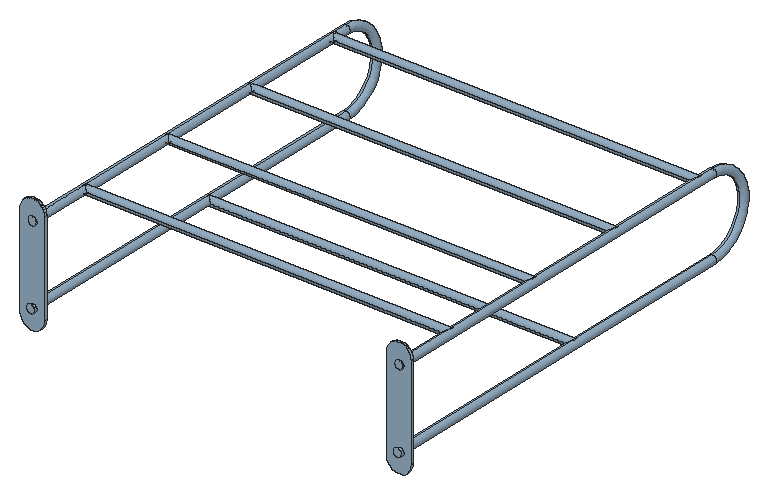
Revit family "BRG-CMP-ACC_REPISA PARA TOALLAS v_02", category Aparatos sanitarios, Revit 2020
Family settings
  Anfitrión = Muro
  Cota de conector redondo = Diámetro de uso
  Tipo de pieza = Normal
  Número OmniClass = 23.45.00.00
  Título OmniClass = Sanitary, Laundry, and Cleaning Equipment
  Siempre vertical = Sí
  Corte con vacíos al cargar = No
  Compartido = No
  Punto de cálculo de habitación = No
Parameters (values of type "REPISA PARA TOALLAS")
  _EDESA_ Materiales = "Acero inoxidable"
  _EDESA_ Garantía = "2 años"
  _EDESA_ Cumple normativa ADA = ""
  _EDESA_ Conexión hidráulica = ""
  _EDESA_ Tipo de instalación = "A la pared"
  _EDESA_ Sku/código = "SC0026553061CW"
  _EDESA_ Manual de Instalación = "https://www.briggs.com.ec/productos/fichastecnicaspdf/Briggs/Institucional/Repisa_toallas.pdf"
  _EDESA_ Profundidad en cm = "26"
  _EDESA_ Productos necesarios para instalación = ""
  _EDESA_ Productos incluídos = "Tacos y tornillos"
  _EDESA_ Peso en kg = ""
  _EDESA_ Nombre = "REPISA PARA TOALLAS"
  _EDESA_ Marca = "BRIGGS"
  _EDESA_ Distancia de instalación en cm (muro terminado) = ""
  _EDESA_ Descripción = "Práctica repisa de toallas."
  _EDESA_ Contacto comercial = "(02) 395 2900"
  _EDESA_ Consumo/capacidad de agua en L = ""
  _EDESA_ Color = "cromo"
  _EDESA_ Certificación = ""
  _EDESA_ Categoría = "Productos > Complementos > Accesorios"
  _EDESA_ Ancho en cm = "47.7"
  _EDESA_ Alto en cm = "14.5"
  URL = "https://www.briggs.com.ec/productos/fichastecnicaspdf/Briggs/Institucional/Repisa_toallas.pdf"
  Modelo = "REPISA PARA TOALLAS"
  Elevación por defecto = 0.00 m
Reference planes (m)
  plane 1: y = 0
  plane 2 "Centro (Izquierda/Derecha)": x = 0.125
  plane 3 "Posterior": y = 0.075
Text (m)
  text "Cara de colocación" at (-1.787139, 0.59235, 0), in view "Nivel de referencia"
  text "Cara de colocación" at (0, 1.827695, 2.917686), in view "Izquierda"
  text "Cara de colocación" at (0, 0.562268, 3.853606), in view "Derecha"
Dimensions and locks (m)
  locked: plane 3 "Posterior" to host wall
  aligned and locked: host wall to plane 1
  aligned and locked: plane 2 "Centro (Izquierda/Derecha)" to nested 1
Nested families (m)
  nested 1: "Repisa" at (0, 0, 0.1725), type "Tipo 1"
Definition of nested family "Repisa"
  Parameters (values of type "Tipo 1")
    Default Elevation = 0.00 m
  Reference planes (m)
    plane 1 "Muro": y = 0
    plane 2 "Centro (Izquierda/Derecha)": x = 0.125
    plane 3 "Posterior": y = 0.075
    plane 4 "_RP_Eje principal": z = 1.7
    plane 5 "_RP_Eje lateral izq": x = -0.1
    plane 6 "_RP_Eje lateral dere": x = 0.35
  Forms (m)
    Extrusion 1, solid
      sketch origin (0, 0.075, 0) x (1, 0, 0) y (0, 0, 1)
        loop
          line (0.335, 1.757508) -> (0.335, 1.642492)
          arc (0.335, 1.642492) -> (0.350004, 1.6275) -> (0.365, 1.6425) r 0.015
          line (0.365, 1.6425) -> (0.365, 1.7575)
          arc (0.365, 1.7575) -> (0.350004, 1.7725) -> (0.335, 1.757508) r 0.015
        loop
          line (-0.085, 1.642497) -> (-0.085, 1.757497)
          arc (-0.085, 1.757497) -> (-0.099997, 1.7725) -> (-0.115, 1.757503) r 0.015
          line (-0.115, 1.757503) -> (-0.115, 1.642503)
          arc (-0.115, 1.642503) -> (-0.100003, 1.6275) -> (-0.085, 1.642497) r 0.015
      from 0 to -0.0025
    Sweep 2, solid
      path origin (0.35, 0, 0) x (0, -1, 0) y (0, 0, 1)
        loop
          line (-0.075, 1.747497) -> (-0.555, 1.747497)
          arc (-0.555, 1.747497) -> (-0.602667, 1.69983) -> (-0.555, 1.652162) r 0.047667
          line (-0.555, 1.652162) -> (-0.072412, 1.652162)
      profile origin (0.35, 0.315, 1.747497) x (0, 0, -1) y (-1, 0, 0)
        loop
          circle (0, 0) r 0.005
    Sweep 3, solid
      path origin (-0.1, 0, 0) x (0, -1, 0) y (0, 0, 1)
        loop
          line (-0.075, 1.747497) -> (-0.555, 1.747497)
          arc (-0.555, 1.747497) -> (-0.602667, 1.69983) -> (-0.555, 1.652162) r 0.047667
          line (-0.555, 1.652162) -> (-0.072412, 1.652162)
      profile origin (-0.1, 0.315, 1.747497) x (0, 0, -1) y (-1, 0, 0)
        loop
          circle (0, 0) r 0.005
    Extrusion 4, solid
      sketch origin (0.35, 0, 0) x (0, -1, 0) y (0, 0, 1)
        loop
          circle (-0.155, 1.747497) r 0.005
      from 0 to 0.45
    Extrusion 5, solid
      sketch origin (0.35, 0.38, 0) x (0, -1, 0) y (0, 0, 1)
        loop
          circle (-0.155, 1.747497) r 0.005
      from 0 to 0.45
    Extrusion 6, solid
      sketch origin (0.35, 0.126667, 0) x (0, -1, 0) y (0, 0, 1)
        loop
          circle (-0.155, 1.747497) r 0.005
      from 0 to 0.45
    Extrusion 7, solid
      sketch origin (0.35, 0.253333, 0) x (0, -1, 0) y (0, 0, 1)
        loop
          circle (-0.155, 1.747497) r 0.005
      from 0 to 0.45
    Extrusion 8, solid
      sketch origin (0.35, 0.19, -0.095334) x (0, -1, 0) y (0, 0, 1)
        loop
          circle (-0.155, 1.747497) r 0.005
      from 0 to 0.45
  Text (m)
    text "Cara de colocación" at (-1.848837, 1.116779, 0), in view "Nivel de referencia"
    text "Cara de colocación" at (0, 1.409804, 2.854306), in view "Izquierda"
    text "Cara de colocación" at (0, 0.499811, 2.980732), in view "Derecha"
  Dimensions and locks (m)
    locked: plane 3 "Posterior" to host wall
    level to plane 4 "_RP_Eje principal" = 1.70 m
    equal spacing: plane 5 "_RP_Eje lateral izq", plane 2 "Centro (Izquierda/Derecha)", plane 6 "_RP_Eje lateral dere"
    equal spacing: group 1, group 3, group 4, group 2  (x3)
    aligned and locked: plane 1 "Muro" to host wall
  Automatic sketch dimensions
    plane 5 "_RP_Eje lateral izq" to Extrusion 1 sketch curve = 0.015 m
    Extrusion 1 sketch curve to plane 5 "_RP_Eje lateral izq" = 0.00 m  (x2)
    Extrusion 1 sketch curve to Extrusion 1 sketch curve = 0.015 m
    plane 6 "_RP_Eje lateral dere" to Extrusion 1 sketch curve = 0.015 m
    Extrusion 1 sketch curve to plane 6 "_RP_Eje lateral dere" = 0.00 m  (x2)
    Extrusion 1 sketch curve to plane 4 "_RP_Eje principal" = 0.057508 m
    Extrusion 1 sketch curve to plane 4 "_RP_Eje principal" = 0.057503 m
    Extrusion 1 sketch curve to Extrusion 1 sketch curve = 0.000008 m  (x2)
    Extrusion 1 sketch curve to Extrusion 1 sketch curve = 0.000003 m  (x2)
    plane 4 "_RP_Eje principal" to Extrusion 1 sketch curve = 0.057497 m
    plane 4 "_RP_Eje principal" to Extrusion 1 sketch curve = 0.0575 m
    Extrusion 1 sketch curve to Extrusion 1 sketch curve = 0.00 m  (x3)
    Sweep 2 sketch curve to plane 2 "Centro (Izquierda/Derecha)" = 0.225 m
    Sweep 2 sketch curve to profile plane = 0.00 m
    Sweep 2 sketch curve to plane 3 "Posterior" = 0.00 m
    Sweep 2 sketch curve to plane 4 "_RP_Eje principal" = 0.00017 m
    Sweep 2 sketch curve to plane 3 "Posterior" = 0.48 m
    Sweep 2 sketch curve to Sweep 2 sketch curve = 0.047667 m
    plane 3 "Posterior" to Sweep 2 sketch curve = 0.002588 m
    Sweep 3 sketch curve to plane 3 "Posterior" = 0.00 m
    Sweep 3 sketch curve to plane 4 "_RP_Eje principal" = 0.00017 m
    Sweep 3 sketch curve to plane 3 "Posterior" = 0.48 m
    Sweep 3 sketch curve to Sweep 3 sketch curve = 0.047667 m
    plane 3 "Posterior" to Sweep 3 sketch curve = 0.002588 m
    Sweep 3 sketch curve to profile plane = 0.00 m
    profile plane to Sweep 3 sketch curve = 0.00 m
    host wall to Extrusion 8 sketch curve = 0.27 m
    Extrusion 8 sketch curve to plane 4 "_RP_Eje principal" = 0.047838 m
    radius of Sweep 2 sketch curve = 0.005 m
    radius of Sweep 3 sketch curve = 0.005 m
    radius of Extrusion 4 sketch curve = 0.005 m
    radius of Extrusion 5 sketch curve = 0.005 m
    radius of Extrusion 6 sketch curve = 0.005 m
    radius of Extrusion 7 sketch curve = 0.005 m
    radius of Extrusion 8 sketch curve = 0.005 m
